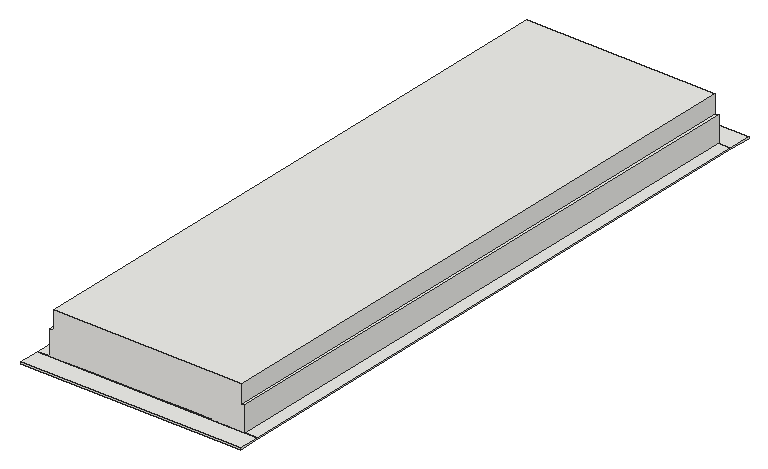
Revit family "MADEL_DIFFUSER_SECTORED LINEAR SLOT_LSD_0", category Air Terminals, Revit 2015
Parameters (values of type "LSD-200-(4 Slots)-500")
  n_factor = 32.531  # constant formula
  m_factor = 1.9804
  c_factor = -4.9125  # constant formula
  b_factor = 0.38451
  Width_Connector = 500.0 mm
  Vmin = 2.5 m/s  # constant formula
  Vmed = (Vmax + Vmin) / 2  # 3.25 m/s
  Vmax = if(or(Nº Slots = 1, Nº Slots = 2), 4.5 m/s, if(Nº Slots = 3, 4.0 m/s, if(Nº Slots = 4, 4.0 m/s, 0.0 m/s)))  # 4.0 m/s
  V[m/s] [instance] = Q / Afree / 1.0 m/s  # 3.25
  V6 [instance] = if(AR, 1 = 1, if(ARI, 1 = 1, 1 = 0))  # yes
  V5 [instance] = if(AR, 1 = 1, if(ARD, 1 = 1, 1 = 0))  # yes
  V4 = if(Nº Slots = 1, 1 = 1, 1 = 0)  # no
  V3 = if(Nº Slots = 2, 1 = 1, if(Nº Slots = 3, 1 = 1, if(Nº Slots = 4, 1 = 1, 1 = 0)))  # yes
  V2 = if(Nº Slots = 2, 1 = 0, if(Nº Slots = 3, 1 = 1, if(Nº Slots = 4, 1 = 1, 1 = 0)))  # yes
  V1 = if(Nº Slots = 2, 1 = 1, 1 = 0)  # no
  URL = "http://www.madel.com/en/producto/lsd-sectored-linear-slot-diffusers/"
  Standard = "UNE 23-727 M2/ NFP 92-501 M2/ DIN 4102 M2"  # constant formula
  Revit Version = "Revit 2015 - English"  # constant formula
  Review Date = "11/2016"  # constant formula
  RAL [instance] = ""  # constant formula
  R9010 [instance] = no
  Q [instance] = Afree * Vmed  # 304.2 m³/h
  Product Type [instance] = Model  # "LSD-200-(4 Slots)-500"
  Product Size = "4x500"
  Product Reference [instance] = if(Nº Options = 2, if([(D)], if(AR, "LSD-200-AR (D)", if(ARD, "LSD-200-ARD (D)", if(INT, "LSD-200-INT (D)", if(ARI, "LSD-200-ARI (D)", "Consult Manufacturer")))), if([(PM)], if(AR, "LSD-200-AR (PM)", if(ARD, "LSD-200-ARD (PM)", if(INT, "LSD-200-INT (PM)", if(ARI, "LSD-200-ARI (PM)", "Consult Manufacturer")))), "Consult Manufacturer")), if(Nº Options = 1, if(AR, "LSD-200-AR", if(ARD, "LSD-200-ARD", if(INT, "LSD-200-INT", if(ARI, "LSD-200-ARI", "Consult Manufacturer")))), if(Nº Options = 0, "Seleccionar accesorio/s", "Consult Manufacturer")))  # "LSD-200-AR"
  Nº Slots = if(A = 55.0 mm, 1, if(A = 95.0 mm, 2, if(A = 134.0 mm, 3, if(A = 173.0 mm, 4, 0))))  # 4
  Nº Options [instance] = if(AR, 1, 0) + if(ARD, 1, 0) + if(INT, 1, 0) + if(ARI, 1, 0) + if([(D)], 1, 0) + if([(PM)], 1, 0)  # 1
  Nº Finishes [instance] = if(AA, 1, 0) + if(R9010, 1, 0) + if(M9016, 1, 0) + if(AB, 1, 0)  # 1
  N_Slots = if(A = 95.0 mm, 2, if(A = 134.0 mm, 3, if(A = 173.0 mm, 4, 2)))  # 4
  N_Graphic lines = if(Nº Slots = 1, 2, if(Nº Slots = 2, 4, if(Nº Slots = 3, 6, if(Nº Slots = 4, 8, 2))))  # 8
  N_E = if(Nº Slots > 2, Nº Slots - 1, 2)  # 3
  Model = "LSD-200-(4 Slots)-500"
  Material and finishes [instance] = if(and(AA, Nº Finishes = 1), "AA", if(and(R9010, Nº Finishes = 1), "R9010", if(and(M9016, Nº Finishes = 1), "M9016", if(and(R9010, AB, Nº Finishes = 2), "R9010/AB/", if(and(AA, AB, Nº Finishes = 2), "AA/AB/", if(and(AB, M9016, Nº Finishes = 2), "M9016/AB/", if(Nº Finishes = 0, "Custom RAL", "Consult Manufacturer")))))))  # "M9016"
  Material Difusser = MADEL_M9016
  Material Blades = MADEL_PVC Negro Aletas
  M9016 [instance] = yes
  Lw (dB(A)) [instance] = n_factor * (log([V[m/s]]) / log(2.7183)) + c_factor  # 33.4303
  L3 = 1187.0 mm
  L2 = L / 2 * -1  # -250.0 mm
  L1 = L / 2  # 250.0 mm
  L = 500.0 mm
  Type Image = <None>
  IfcExportType = "IfcAirTerminalType"  # constant formula
  IfcExportAs = "IfcAirTerminalType"  # constant formula
  INT [instance] = no
  Height_Connector = 170.0 mm
  G_material = 1.2 mm
  G1 = 20.9 mm
  G = 36.0 mm
  Min Flow = Vmin * Afree  # 234 m³/h
  Max Flow = Vmax * Afree  # 374.4 m³/h
  Manufacturer = "MADEL"  # constant formula
  Family Version = "1.0"  # constant formula
  E = 185.9 mm
  Description = "MADEL_Sectored linear slot diffusers"  # constant formula
  DPt [instance] = (10 ^ (log([V[m/s]]) * m_factor + b_factor)) * 1.0 Pa  # 25.0185 Pa
  Type Comments = "The LSD series linear diffusers are designed to combine the aesthetics with the technical performance. They can be mounted in false ceilings or suspended from the ceiling. They allow the formation of diffuser continuous lines, with active and inactive areas, without breaking the uniformity of the whole. They are suitable both for supply and return. By adjusting their blades, sectored each 100mm, it is possible to obtain a horizontal distribution of the air in one or the other direction or its vertical projection without change the volume of air. The LSD diffusers admit a flow variation of 60% keeping the air stream stable. These diffusers can be used from 2,6 up to 4 metres high and at a temperature differential up to 12ºC."  # constant formula
  Created by = "BIMETRICAL"  # constant formula
  C = 158.7 mm
  BIMETRICAL Category = "AirTerminal"  # constant formula
  BIMETRICAL = "http://www.bimetrical.com"  # constant formula
  B = 164.9 mm
  Afree_factor = 0.0520 m²
  Afree = Afree_factor * L / 1000.0 mm  # 0.0260 m²
  ARI [instance] = no
  ARD [instance] = no
  AR [instance] = if(or(ARD, ARI, INT), 1 = 0, 1 = 1)  # yes
  AB [instance] = no
  AA [instance] = no
  A = 173.0 mm
  (PM) [instance] = no
  (D) [instance] = no
Types (16, lengths in mm): name | m_factor | b_factor | Width_Connector | Vmed | Vmax | V[m/s] | V4 | V3 | V2 | V1 | Q | Product Type | Product Size | Nº Slots | N_Slots | N_Graphic lines | N_E | Model | Lw (dB(A)) | L2 | L1 | L | Height_Connector | Min Flow | Max Flow | E | DPt | C | B | Afree_factor | Afree | A
  LSD-200-(2 Slots)-500 | 1.9813 | 0.20586 | 500.0 | 3.5 m/s | 4.5 m/s | 3.5 | no | yes | no | yes | 109.62 m³/h | "LSD-200-(2 Slots)-500" | "2x500" | 2 | 2 | 4 | 2 | "LSD-200-(2 Slots)-500" | 35.8411 | -250.0 | 250.0 | 500.0 | 90.0 | 78.3 m³/h | 140.94 m³/h | 107.3 | 19.2242 Pa | 79.9 | 86.1 | 0.0174 m² | 0.0087 m² | 95.0
  LSD-200-(3 Slots)-500 | 1.9783 | 0.28315 | 500.0 | 3.25 m/s | 4.0 m/s | 3.25 | no | yes | yes | no | 152.685 m³/h | "LSD-200-(3 Slots)-500" | "3x500" | 3 | 3 | 6 | 2 | "LSD-200-(3 Slots)-500" | 33.4303 | -250.0 | 250.0 | 500.0 | 130.0 | 117.45 m³/h | 187.92 m³/h | 146.6 | 19.7617 Pa | 119.3 | 125.5 | 0.0261 m² | 0.01305 m² | 134.0
  LSD-200-(4 Slots)-500 | 1.9804 | 0.38451 | 500.0 | 3.25 m/s | 4.0 m/s | 3.25 | no | yes | yes | no | 304.2 m³/h | "LSD-200-(4 Slots)-500" | "4x500" | 4 | 4 | 8 | 3 | "LSD-200-(4 Slots)-500" | 33.4303 | -250.0 | 250.0 | 500.0 | 170.0 | 234 m³/h | 374.4 m³/h | 185.9 | 25.0185 Pa | 158.7 | 164.9 | 0.0520 m² | 0.0260 m² | 173.0
  LSD-200-(2 Slots)-1000 | 1.9813 | 0.20586 | 1000.0 | 3.5 m/s | 4.5 m/s | 3.5 | no | yes | no | yes | 219.24 m³/h | "LSD-200-(2 Slots)-1000" | "2x1000" | 2 | 2 | 4 | 2 | "LSD-200-(2 Slots)-1000" | 35.8411 | -500.0 | 500.0 | 1000.0 | 90.0 | 156.6 m³/h | 281.88 m³/h | 107.3 | 19.2242 Pa | 79.9 | 86.1 | 0.0174 m² | 0.0174 m² | 95.0
  LSD-200-(3 Slots)-1000 | 1.9783 | 0.28315 | 1000.0 | 3.25 m/s | 4.0 m/s | 3.25 | no | yes | yes | no | 305.37 m³/h | "LSD-200-(3 Slots)-1000" | "3x1000" | 3 | 3 | 6 | 2 | "LSD-200-(3 Slots)-1000" | 33.4303 | -500.0 | 500.0 | 1000.0 | 130.0 | 234.9 m³/h | 375.84 m³/h | 146.6 | 19.7617 Pa | 119.3 | 125.5 | 0.0261 m² | 0.0261 m² | 134.0
  LSD-200-(4 Slots)-1000 | 1.9804 | 0.38451 | 1000.0 | 3.25 m/s | 4.0 m/s | 3.25 | no | yes | yes | no | 608.4 m³/h | "LSD-200-(4 Slots)-1000" | "4x1000" | 4 | 4 | 8 | 3 | "LSD-200-(4 Slots)-1000" | 33.4303 | -500.0 | 500.0 | 1000.0 | 170.0 | 468 m³/h | 748.8 m³/h | 185.9 | 25.0185 Pa | 158.7 | 164.9 | 0.0520 m² | 0.0520 m² | 173.0
  LSD-200-(1 Slot)-500 | 1.9847 | 0.10613 | 500.0 | 3.5 m/s | 4.5 m/s | 3.5 | yes | no | no | no | 54.81 m³/h | "LSD-200-(1 Slot)-500" | "1x500" | 1 | 2 | 2 | 2 | "LSD-200-(1 Slot)-500" | 35.8411 | -250.0 | 250.0 | 500.0 | 50.0 | 39.15 m³/h | 70.47 m³/h | 68.0 | 15.3439 Pa | 40.5 | 46.7 | 0.0087 m² | 0.00435 m² | 55.0
  LSD-200-(1 Slot)-1000 | 1.9847 | 0.10613 | 1000.0 | 3.5 m/s | 4.5 m/s | 3.5 | yes | no | no | no | 109.62 m³/h | "LSD-200-(1 Slot)-1000" | "1x1000" | 1 | 2 | 2 | 2 | "LSD-200-(1 Slot)-1000" | 35.8411 | -500.0 | 500.0 | 1000.0 | 50.0 | 78.3 m³/h | 140.94 m³/h | 68.0 | 15.3439 Pa | 40.5 | 46.7 | 0.0087 m² | 0.0087 m² | 55.0
  LSD-200-(1 Slot)-1500 | 1.9847 | 0.10613 | 1500.0 | 3.5 m/s | 4.5 m/s | 3.5 | yes | no | no | no | 164.43 m³/h | "LSD-200-(1 Slot)-1500" | "1x1500" | 1 | 2 | 2 | 2 | "LSD-200-(1 Slot)-1500" | 35.8411 | -750.0 | 750.0 | 1500.0 | 50.0 | 117.45 m³/h | 211.41 m³/h | 68.0 | 15.3439 Pa | 40.5 | 46.7 | 0.0087 m² | 0.01305 m² | 55.0
  LSD-200-(1 Slot)-2000 | 1.9847 | 0.10613 | 2000.0 | 3.5 m/s | 4.5 m/s | 3.5 | yes | no | no | no | 219.24 m³/h | "LSD-200-(1 Slot)-2000" | "1x2000" | 1 | 2 | 2 | 2 | "LSD-200-(1 Slot)-2000" | 35.8411 | -1000.0 | 1000.0 | 2000.0 | 50.0 | 156.6 m³/h | 281.88 m³/h | 68.0 | 15.3439 Pa | 40.5 | 46.7 | 0.0087 m² | 0.0174 m² | 55.0
  LSD-200-(2 Slots)-1500 | 1.9813 | 0.20586 | 1500.0 | 3.5 m/s | 4.5 m/s | 3.5 | no | yes | no | yes | 328.86 m³/h | "LSD-200-(2 Slots)-1500" | "2x1500" | 2 | 2 | 4 | 2 | "LSD-200-(2 Slots)-1500" | 35.8411 | -750.0 | 750.0 | 1500.0 | 90.0 | 234.9 m³/h | 422.82 m³/h | 107.3 | 19.2242 Pa | 79.9 | 86.1 | 0.0174 m² | 0.0261 m² | 95.0
  LSD-200-(2 Slots)-2000 | 1.9813 | 0.20586 | 2000.0 | 3.5 m/s | 4.5 m/s | 3.5 | no | yes | no | yes | 438.48 m³/h | "LSD-200-(2 Slots)-2000" | "2x2000" | 2 | 2 | 4 | 2 | "LSD-200-(2 Slots)-2000" | 35.8411 | -1000.0 | 1000.0 | 2000.0 | 90.0 | 313.2 m³/h | 563.76 m³/h | 107.3 | 19.2242 Pa | 79.9 | 86.1 | 0.0174 m² | 0.0348 m² | 95.0
  LSD-200-(3 Slots)-1500 | 1.9783 | 0.28315 | 1500.0 | 3.25 m/s | 4.0 m/s | 3.25 | no | yes | yes | no | 458.055 m³/h | "LSD-200-(3 Slots)-1500" | "3x1500" | 3 | 3 | 6 | 2 | "LSD-200-(3 Slots)-1500" | 33.4303 | -750.0 | 750.0 | 1500.0 | 130.0 | 352.35 m³/h | 563.76 m³/h | 146.6 | 19.7617 Pa | 119.3 | 125.5 | 0.0261 m² | 0.03915 m² | 134.0
  LSD-200-(3 Slots)-2000 | 1.9783 | 0.28315 | 2000.0 | 3.25 m/s | 4.0 m/s | 3.25 | no | yes | yes | no | 610.74 m³/h | "LSD-200-(3 Slots)-2000" | "3x2000" | 3 | 3 | 6 | 2 | "LSD-200-(3 Slots)-2000" | 33.4303 | -1000.0 | 1000.0 | 2000.0 | 130.0 | 469.8 m³/h | 751.68 m³/h | 146.6 | 19.7617 Pa | 119.3 | 125.5 | 0.0261 m² | 0.0522 m² | 134.0
  LSD-200-(4 Slots)-1500 | 1.9804 | 0.38451 | 1500.0 | 3.25 m/s | 4.0 m/s | 3.25 | no | yes | yes | no | 912.6 m³/h | "LSD-200-(4 Slots)-1500" | "4x1500" | 4 | 4 | 8 | 3 | "LSD-200-(4 Slots)-1500" | 33.4303 | -750.0 | 750.0 | 1500.0 | 170.0 | 702 m³/h | 1123.2 m³/h | 185.9 | 25.0185 Pa | 158.7 | 164.9 | 0.0520 m² | 0.0780 m² | 173.0
  LSD-200-(4 Slots)-2000 | 1.9804 | 0.38451 | 2000.0 | 3.25 m/s | 4.0 m/s | 3.25 | no | yes | yes | no | 1216.8 m³/h | "LSD-200-(4 Slots)-2000" | "4x2000" | 4 | 4 | 8 | 3 | "LSD-200-(4 Slots)-2000" | 33.4303 | -1000.0 | 1000.0 | 2000.0 | 170.0 | 936 m³/h | 1497.6 m³/h | 185.9 | 25.0185 Pa | 158.7 | 164.9 | 0.0520 m² | 0.1040 m² | 173.0
Reference planes
  plane 1 "Centro (Frontal/Posterior)": z = -1.2
  plane 2: y = 245
  plane 3 "Centro (Izquierda/Derecha)": x = 0
  plane 4: z = 0
  plane 5: x = -68.95
  plane 6: x = -82.45
  plane 7: x = 82.45
  plane 8: z = 20.9
  plane 9: z = 36
  plane 10: y = -5
  plane 11: y = 495
  plane 12: x = -92.95
  plane 13: x = 92.95
  plane 14: x = -79.35
  plane 15: x = 79.35
  plane 16: x = -86.5
  plane 17: x = 86.5
  plane 18: x = -29.65
  plane 19: x = 68.95
  plane 20: x = -48.95
  plane 21: x = -9.65
Forms (mm)
  Extrusion 1, solid, material "MADEL_M9016" <- "Material Difusser"
    sketch origin (0, 995, 5) x (1, 0, 0) y (0, 0, 1)
      loop
        line (-92.95, -6.2) -> (-68.95, -6.2) -> (-68.95, -5) -> (68.95, -5) -> (68.95, -6.2) -> (92.95, -6.2) -> (92.95, -5) -> (82.45, -5) -> (82.45, 15.9) -> (79.35, 15.9) -> (79.35, 31) -> (-79.35, 31) -> (-79.35, 15.9) -> (-82.45, 15.9) -> (-82.45, -5) -> (-92.95, -5) -> (-92.95, -6.2)
    from 500 to 1000
  Extrusion 2, solid, material "MADEL_PVC Negro Aletas" <- "Material Blades", visible <- "V3"
    sketch origin (-19.65, 245, 4.9) x (1, 0, 0) y (0, 0, 1)
      loop
        line (-49.3, -4.9) -> (-49.3, -6.1) -> (-29.3, -6.1) -> (-29.3, -4.9) -> (-49.3, -4.9)
    from -250 <- "L2" to 250 <- "L1"
  Extrusion 3, solid, material "MADEL_PVC Negro Aletas" <- "Material Blades", visible <- "V3"
    sketch origin (19.65, 245, 4.9) x (1, 0, 0) y (0, 0, 1)
      loop
        line (-49.3, -4.9) -> (-49.3, -6.1) -> (-29.3, -6.1) -> (-29.3, -4.9) -> (-49.3, -4.9)
    from -250 <- "L2" to 250 <- "L1"
  Extrusion 4, solid, material "MADEL_M9016" <- "Material Difusser", visible <- "V1"
    sketch origin (0, 245, 5) x (1, 0, 0) y (0, 0, 1)
      loop
        line (-48.95, -5) -> (-48.95, -6.2) -> (-29.65, -6.2) -> (-29.65, -5) -> (-48.95, -5)
    from -250 <- "L2" to 250 <- "L1"
  Extrusion 5, solid, material "MADEL_M9016" <- "Material Difusser", visible <- "V2"
    sketch origin (-10.34, 245, -1.623) x (1, 0, 0) y (0, 0, 1)
      loop
        line (-38.61, 1.623) -> (-38.61, 0.423) -> (-19.31, 0.423) -> (-19.31, 1.623) -> (-38.61, 1.623)
    from -250 <- "L2" to 250 <- "L1"
  Extrusion 6, solid, material "MADEL_M9016" <- "Material Difusser", visible <- "V2"
    sketch origin (28.96, 245, -1.623) x (1, 0, 0) y (0, 0, 1)
      loop
        line (-38.61, 1.623) -> (-38.61, 0.423) -> (-19.31, 0.423) -> (-19.31, 1.623) -> (-38.61, 1.623)
    from -250 <- "L2" to 250 <- "L1"
  Extrusion 7, solid, not visible
    sketch origin (0, 0, -1.2) x (0, -1, 0) y (1, 0, 0)
      loop
        circle (-245, 0) r 2.821
    from 0.922 to 1.2
  Extrusion 8, solid, material "MADEL_PVC Negro Aletas" <- "Material Blades", visible <- "V4"
    sketch origin (0, 245, 5) x (1, 0, 0) y (0, 0, 1)
      loop
        line (-68.95, -6.2) -> (-48.95, -6.2) -> (-48.95, -5) -> (-68.95, -5) -> (-68.95, -6.2)
    from -250 to 250
  Extrusion 9, solid, material "MADEL_M9016" <- "Material Difusser", visible <- "V5"
    sketch origin (0, 0, 0) x (1, 0, 0) y (0, 1, 0)
      loop
        line (-92.95, -5) -> (-92.95, -23) -> (92.95, -23) -> (92.95, -5) -> (-92.95, -5)
    from -1.2 to 0
  Extrusion 10, solid, material "MADEL_M9016" <- "Material Difusser", visible <- "V6"
    sketch origin (0, 1045, 0) x (1, 0, 0) y (0, 1, 0)
      loop
        line (-92.95, -532) -> (-92.95, -550) -> (92.95, -550) -> (92.95, -532) -> (-92.95, -532)
    from -1.2 to 0
  Extrusion 11, solid, material "MADEL_PVC Negro Aletas" <- "Material Blades", visible <- "V3"
    sketch origin (58.95, 245, 4.9) x (1, 0, 0) y (0, 0, 1)
      loop
        line (-49.3, -4.9) -> (-49.3, -6.1) -> (-29.3, -6.1) -> (-29.3, -4.9) -> (-49.3, -4.9)
    from -250 <- "L2" to 250 <- "L1"
  Extrusion 12, solid, material "MADEL_PVC Negro Aletas" <- "Material Blades", visible <- "V3"
    sketch origin (98.25, 245, 4.9) x (1, 0, 0) y (0, 0, 1)
      loop
        line (-49.3, -4.9) -> (-49.3, -6.1) -> (-29.3, -6.1) -> (-29.3, -4.9) -> (-49.3, -4.9)
    from -250 <- "L2" to 250 <- "L1"
  Extrusion 13, solid, material "MADEL_M9016" <- "Material Difusser", visible <- "V2"
    sketch origin (68.26, 245, -1.623) x (1, 0, 0) y (0, 0, 1)
      loop
        line (-38.61, 1.623) -> (-38.61, 0.423) -> (-19.31, 0.423) -> (-19.31, 1.623) -> (-38.61, 1.623)
    from -250 <- "L2" to 250 <- "L1"
Lines and regions (mm)
  symbolic lines, visible <- "V6"
    curve 1: line (-92.95, 495, -1.2) -> (-92.95, 513, -1.2)
    curve 3: line (92.95, 513, -1.2) -> (92.95, 495, -1.2)
    curve 10: line (92.95, 513, 0) -> (-92.95, 513, 0)
  symbolic lines
    curve 2: line (92.95, 495, -1.2) -> (-92.95, 495, -1.2)
    curve 4: line (-92.95, -5, -1.2) -> (92.95, -5, -1.2)
    curve 8: line (-92.95, -5, -1.2) -> (-92.95, 495, -1.2)
    curve 9: line (92.95, 495, -1.2) -> (92.95, -5, -1.2)
  symbolic lines, visible <- "V5"
    curve 5: line (-92.95, -23, -1.2) -> (-92.95, -5, -1.2)
    curve 6: line (92.95, -23, -1.2) -> (-92.95, -23, -1.2)
    curve 7: line (92.95, -5, -1.2) -> (92.95, -23, -1.2)
Dimensions and locks
  "G": plane 9 to level
  "G1": plane 8 to plane 4
  equal spacing: plane 10, plane 2, plane 11
  equal spacing: plane 7, plane 3 "Centro (Izquierda/Derecha)", plane 6
  equal spacing: plane 13, plane 3 "Centro (Izquierda/Derecha)", plane 12
  "B": plane 7 to plane 6
  "E": plane 13 to plane 12
  equal spacing: plane 15, plane 3 "Centro (Izquierda/Derecha)", plane 14
  equal spacing: plane 17, plane 3 "Centro (Izquierda/Derecha)", plane 16
  "A": plane 17 to plane 16
  locked: plane 5 to plane 12 at 24
  locked: plane 18 to plane 5 at 39.3
  "L": plane 10 to plane 11
  equal spacing: group 1, group 2, group 10, group 13  (x3)
  locked: plane 19 to plane 13 at 24
  locked: plane 20 to plane 5 at 20
  locked: Extrusion 5 sketch curve to Extrusion 5 sketch curve at 19.3
  locked: Extrusion 5 sketch curve to Extrusion 5 sketch curve at 1.2
  locked: plane 21 to plane 20 at 39.3
  locked: Extrusion 6 sketch curve to Extrusion 6 sketch curve at 19.3
  locked: Extrusion 6 sketch curve to Extrusion 6 sketch curve at 1.2
  equal spacing: group 3, group 4, group 14  (x3)
  "C": plane 15 to plane 14
  locked: Extrusion 9 sketch curve to Extrusion 9 sketch curve at 18
  locked: Extrusion 10 sketch curve to Extrusion 10 sketch curve at 18
  locked: plane 12 to nested 1 at 24
  equal spacing: group 6, group 8, group 9, group 11, group 12, group 15, group 16, group 7  (x3)
  locked: nested 3 to plane 13 at 24
  locked: Extrusion 13 sketch curve to Extrusion 13 sketch curve at 19.3
  locked: Extrusion 13 sketch curve to Extrusion 13 sketch curve at 1.2
  aligned and locked: Extrusion 1 to plane 10
  aligned and locked: plane 11 to Extrusion 1
  aligned and locked: plane 4 to Extrusion 1
  aligned and locked: Extrusion 1 to plane 14
  aligned and locked: plane 15 to Extrusion 1
  aligned and locked: Extrusion 1 to plane 13
  aligned and locked: Extrusion 1 to plane 12
  aligned and locked: Extrusion 2 to plane 5
  aligned and locked: Extrusion 3 to plane 18
  aligned and locked: Extrusion 4 sketch curve to plane 18
  aligned and locked: plane 20 to Extrusion 4 sketch curve
  aligned and locked: Extrusion 5 to plane 20
  aligned and locked: Extrusion 5 to Extrusion 4
  aligned and locked: Extrusion 4 to plane 20
  aligned and locked: Extrusion 6 to plane 21
  aligned and locked: plane 2 to Extrusion 7 sketch curve
  aligned and locked: plane 3 "Centro (Izquierda/Derecha)" to Extrusion 7 sketch curve
  aligned and locked: Extrusion 8 to plane 10
  aligned and locked: plane 11 to Extrusion 8
  aligned and locked: plane 20 to Extrusion 8 sketch curve
  aligned and locked: plane 4 to Extrusion 8 sketch curve
  aligned and locked: Extrusion 8 sketch curve to plane 5
  aligned and locked: plane 1 "Centro (Frontal/Posterior)" to Extrusion 8 sketch curve
  aligned and locked: plane 13 to Extrusion 9 sketch curve
  aligned and locked: plane 12 to Extrusion 9 sketch curve
  aligned and locked: plane 10 to Extrusion 9
  aligned and locked: Extrusion 10 to plane 11
  aligned and locked: plane 11 to nested 1
  aligned and locked: plane 11 to nested 3
Automatic sketch dimensions
  Extrusion 2 sketch curve to Extrusion 2 sketch curve = 20.0 mm
  Extrusion 2 sketch curve to Extrusion 2 sketch curve = 1.2 mm
  Extrusion 3 sketch curve to Extrusion 3 sketch curve = 20.0 mm
  Extrusion 3 sketch curve to Extrusion 3 sketch curve = 1.2 mm
  Extrusion 1 sketch curve to level = 0.0 mm  (x3)
  Extrusion 1 sketch curve to plane 12 = 0.0 mm
  Extrusion 1 sketch curve to plane 6 = 0.0 mm
  Extrusion 1 sketch curve to plane 9 = 0.0 mm
  Extrusion 1 sketch curve to plane 14 = 0.0 mm
  Extrusion 1 sketch curve to plane 1 "Centro (Frontal/Posterior)" = 0.0 mm  (x2)
  Extrusion 1 sketch curve to plane 5 = 0.0 mm
  plane 19 to Extrusion 1 sketch curve = 0.0 mm
  Extrusion 1 sketch curve to plane 8 = 0.0 mm  (x2)
  Extrusion 1 sketch curve to plane 15 = 0.0 mm
  Extrusion 1 sketch curve to plane 7 = 0.0 mm
  plane 13 to Extrusion 1 sketch curve = 0.0 mm
  Extrusion 4 sketch curve to plane 1 "Centro (Frontal/Posterior)" = 0.0 mm
  Extrusion 4 sketch curve to level = 0.0 mm
  Extrusion 9 sketch curve to plane 10 = 18.0 mm
  Extrusion 10 sketch curve to plane 12 = 0.0 mm
  Extrusion 10 sketch curve to plane 13 = 0.0 mm
  plane 11 to Extrusion 10 sketch curve = 0.0 mm
  curve 1 to plane 12 = 0.0 mm
  curve 2 to plane 11 = 0.0 mm
  curve 4 to curve 6 = 18.0 mm
  curve 5 to plane 10 = 0.0 mm
  curve 3 to plane 13 = 0.0 mm
  plane 11 to curve 3 = 18.0 mm
  plane 11 to curve 1 = 18.0 mm
  curve 10 to plane 12 = 0.0 mm
  curve 10 to plane 13 = 0.0 mm
  plane 11 to curve 10 = 18.0 mm
  Extrusion 11 sketch curve to Extrusion 11 sketch curve = 20.0 mm
  Extrusion 11 sketch curve to Extrusion 11 sketch curve = 1.2 mm
  Extrusion 12 sketch curve to Extrusion 12 sketch curve = 20.0 mm
  Extrusion 12 sketch curve to Extrusion 12 sketch curve = 1.2 mm
  radius of Extrusion 7 sketch curve = 2.821 mm
Nested families
  nested 1: "Grafismo Rejilla" at (-68.95, 245, 0) x (0, 1, 0) z (0, 0, 1), LL <- "L", type "Linea"
    with LL 500.0 mm
  nested 2: "Grafismo Rejilla" at (-203.732, -36.541, 0) x (0, 1, 0) z (0, 0, 1), LL <- "L3", type "Linea", not visible
    with LL 1187.0 mm
  nested 3: "Grafismo Rejilla" at (68.95, 245, 0) x (0, 1, 0) z (0, 0, 1), LL <- "L", type "Linea"
    with LL 500.0 mm
  nested 4: "Grafismo Rejilla" at (-49.25, 245, 0) x (0, 1, 0) z (0, 0, 1), LL <- "L", type "Linea"
    with LL 500.0 mm
  nested 5: "Grafismo Rejilla" at (-29.55, 245, 0) x (0, 1, 0) z (0, 0, 1), LL <- "L", type "Linea"
    with LL 500.0 mm
  nested 6: "Grafismo Rejilla" at (-9.85, 245, 0) x (0, 1, 0) z (0, 0, 1), LL <- "L", type "Linea"
    with LL 500.0 mm
  nested 7: "Grafismo Rejilla" at (9.85, 245, 0) x (0, 1, 0) z (0, 0, 1), LL <- "L", type "Linea"
    with LL 500.0 mm
  nested 8: "Grafismo Rejilla" at (29.55, 245, 0) x (0, 1, 0) z (0, 0, 1), LL <- "L", type "Linea"
    with LL 500.0 mm
  nested 9: "Grafismo Rejilla" at (49.25, 245, 0) x (0, 1, 0) z (0, 0, 1), LL <- "L", type "Linea"
    with LL 500.0 mm
Connectors
  hvac at (0, 245, 0), driven by "DPt", driven by "Height_Connector", driven by "Width_Connector", driven by "Q"
    settings: on Extrusion 7, index 1, duct flow 304.2 m³/h, flow factor 0, pres drop 25.0185 Pa, loss coef 0, conn angle 0.00°, conn width 500 mm, conn height 170 mm, conn diameter 609.6 mm, duct sys type 1, conn prof type 1, flow config 1, flow direction 1, loss method 4, conn ref index -1, conn util no, is conn primary yes, conn desc ""
Definition of nested family "Grafismo Rejilla"
  Parameters (values of type "Linea")
    LL [instance] = 1500.0 mm
  Reference planes
    plane 1 "Centro (Frontal/Posterior)": y = 0
    plane 2: z = 0
    plane 3 "Centro (Izquierda/Derecha)": x = 0
  Lines and regions (mm)
    symbolic lines
      curve 1: line (-750, 0, 0) -> (750, 0, 0)
  Dimensions and locks
    "LL": curve 1 to curve 1
    equal spacing: curve 1, plane 3 "Centro (Izquierda/Derecha)", curve 1
    aligned and locked: level to plane 2
  Automatic sketch dimensions
    plane 1 "Centro (Frontal/Posterior)" to curve 1 = 0.0 mm
